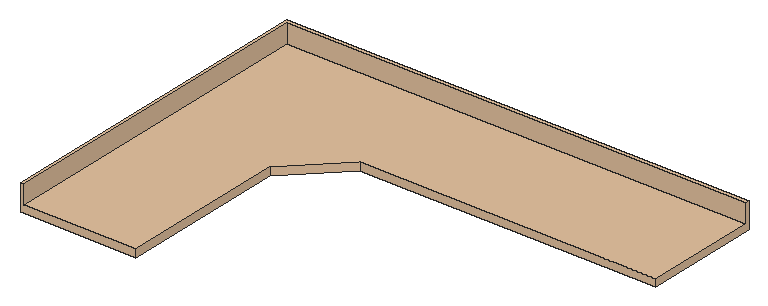
Revit family "M_Topo da bancada-Forma L 2", category Componentes de gabinete, Revit 2019
Family settings
  Número OmniClass = 23.40.35.17.47.11
  Título OmniClass = Kitchen Casework
  ID de item do Seek = Counter Top-L Shaped 2-0000-CAN-ENU
  Com base no plano de trabalho = Não
  Sempre na vertical = Sim
  Corte com vazios quando carregada = Não
  Compartilhado = Sim
  Ponto de cálculo do ambiente = Não
Parameters (values of type "Profundidade 600 mm")
  Espessura da bancada = 40 mm
  Material do topo da bancada = none
  Linear = 625 mm
  Altura = 900 mm
  Comprimento - Perna 1 [instance] = 2500 mm
  Comprimento- Perna 2 [instance] = 1800 mm
Reference planes
  plane 1 "Parte posterior": y = 0
  plane 2: z = 0
  plane 3 "Esquerda": x = -1200.462
  plane 4 "Direita": x = 1299.538
  plane 5 "Parte frontal": y = -625
  plane 6 "Superior": z = 900
  plane 7 "Topo do armário": z = 860
  plane 8: y = -19.05
  plane 9: z = 1001.6
  plane 10: x = -575.462
  plane 11: y = -1800
  plane 12: x = -1181.412
  plane 13: x = -305.462
  plane 14: y = -895
Forms (mm)
  Extrusion 1, solid, material <- "Material do topo da bancada"
    sketch origin (0, 0, 0) x (1, 0, 0) y (0, 1, 0)
      loop
        line (-1200.462, 0) -> (-1200.462, -1800) -> (-575.462, -1800) -> (-575.462, -895) -> (-305.462, -625) -> (1299.538, -625) -> (1299.538, 0) -> (-1200.462, 0)
    from 860 to 900
  Extrusion 2, solid, material <- "Material do topo da bancada"
    sketch origin (0, 0, 0) x (1, 0, 0) y (0, 1, 0)
      loop
        line (1299.538, 0) -> (-1200.462, 0) -> (-1200.462, -19.05) -> (1299.538, -19.05) -> (1299.538, 0)
    from 900 to 1001.6
  Extrusion 3, solid, material <- "Material do topo da bancada"
    sketch origin (0, 0, 0) x (1, 0, 0) y (0, 1, 0)
      loop
        line (-1200.462, -19.05) -> (-1200.462, -1800) -> (-1181.412, -1800) -> (-1181.412, -19.05) -> (-1200.462, -19.05)
    from 900 to 1001.6
Cuts and joins
  joined: Extrusion 1, Extrusion 2, Extrusion 3
Lines and regions (mm)
  Masking region 1
    outline origin (0, 0, 860) x (0, -1, 0) y (1, 0, 0)
      loop
        line (0, -1200.462) -> (1800, -1200.462) -> (1800, -575.462) -> (895, -575.462) -> (625, -305.462) -> (625, 1299.538) -> (0, 1299.538) -> (0, -1200.462)
  symbolic lines, style "Topo da bancada"
    curve 1: line (-1181.412, -19.05, 860) -> (1299.538, -19.05, 860)
    curve 2: line (-1181.412, -1800, 860) -> (-1181.412, -19.05, 860)
Dimensions and locks
  "Linear": plane 5 "Parte frontal" to plane 1 "Parte posterior"
  "Comprimento - Perna 1": plane 3 "Esquerda" to plane 4 "Direita"
  "Altura": level to plane 6 "Superior"
  "Espessura da bancada": plane 7 "Topo do armário" to plane 6 "Superior"
  locked: plane 8 to plane 1 "Parte posterior" at 19.05
  plane 6 "Superior" to plane 9 = 101.6 mm
  "Linear": plane 3 "Esquerda" to plane 10
  "Comprimento- Perna 2": plane 11 to plane 1 "Parte posterior"
  locked: plane 3 "Esquerda" to plane 12 at 19.05
  locked: plane 14 to plane 5 "Parte frontal" at 270
  locked: plane 10 to plane 13 at 270
  aligned and locked: Extrusion 1 sketch curve to plane 1 "Parte posterior"
  aligned and locked: plane 4 "Direita" to Extrusion 1 sketch curve
  aligned and locked: Extrusion 1 sketch curve to plane 5 "Parte frontal"
  aligned and locked: Extrusion 1 sketch curve to plane 3 "Esquerda"
  aligned and locked: Extrusion 1 to plane 6 "Superior"
  aligned and locked: plane 7 "Topo do armário" to Extrusion 1
  aligned and locked: plane 1 "Parte posterior" to Extrusion 2 sketch curve
  aligned and locked: plane 8 to Extrusion 2 sketch curve
  aligned and locked: Extrusion 2 sketch curve to plane 4 "Direita"
  aligned and locked: plane 3 "Esquerda" to Extrusion 2 sketch curve
  aligned and locked: Extrusion 2 to plane 9
  aligned and locked: plane 6 "Superior" to Extrusion 2
  aligned and locked: plane 10 to Extrusion 1 sketch curve
  aligned and locked: plane 11 to Extrusion 1 sketch curve
  aligned and locked: plane 12 to Extrusion 3 sketch curve
  aligned and locked: Extrusion 3 to plane 8
  aligned and locked: plane 3 "Esquerda" to Extrusion 3
  aligned and locked: Extrusion 3 to plane 9
  aligned and locked: plane 6 "Superior" to Extrusion 3
  aligned and locked: plane 4 "Direita" to Masking region 1 sketch curve
  aligned and locked: Masking region 1 sketch curve to plane 1 "Parte posterior"
  aligned and locked: Masking region 1 sketch curve to plane 3 "Esquerda"
  aligned and locked: plane 11 to Masking region 1 sketch curve
  aligned and locked: plane 10 to Masking region 1 sketch curve
  aligned and locked: Masking region 1 sketch curve to plane 5 "Parte frontal"
  aligned and locked: Masking region 1 sketch curve to cut or joined group of Extrusion 1, Extrusion 2, Extrusion 3
Automatic sketch dimensions
  plane 3 "Esquerda" to Extrusion 3 sketch curve = 0 mm
  plane 11 to Extrusion 3 sketch curve = 0 mm
  plane 1 "Parte posterior" to Extrusion 3 sketch curve = 19.05 mm
  Extrusion 1 sketch curve to plane 13 = 0 mm
  Extrusion 1 sketch curve to plane 14 = 0 mm
  curve 1 to plane 4 "Direita" = 0 mm
  curve 1 to plane 8 = 0 mm
  curve 2 to plane 11 = 0 mm
  curve 1 to plane 3 "Esquerda" = 19.05 mm
